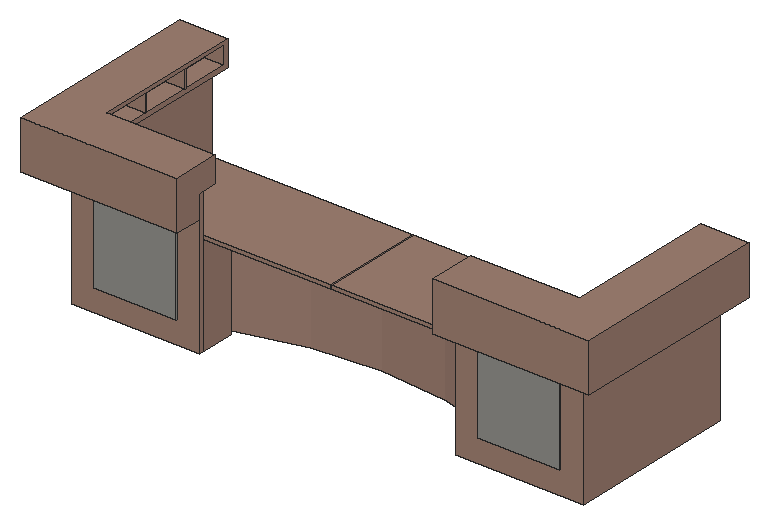
Revit family "OFS TYPICAL T100131", category Furniture, Revit 2022
Family settings
  OmniClass Number = 23.40.20.00
  OmniClass Title = General Furniture and Specialties
  Work Plane-Based = No
  Always vertical = Yes
  Cut with Voids When Loaded = No
  Render Appearance Source = Family Geometry
  Shared = No
  Room Calculation Point = No
Parameters (values of type "T100131")
  URL = "http://ofs.com/"
  Model = "T100131"
  Manufacturer = "OFS"
  Description = "OFS TYPICAL T100131"
  Default Elevation = 0' - 0"
  Copyright © = "©OFS 2024"
  Catalog = ""
  Authoring Version = "Autodesk Revit 2018"
  Assembly Code = "E2020200"
Reference planes (in)
  plane 1 "Center Front/Back": y = 0
  plane 2: z = 0
  plane 3 "Center Left/Right": x = 0
Dimensions and locks (in)
  aligned and locked: level to plane 2
Nested families (in)
  nested 1: "OFS ELEMENT Double Open L Transaction Box 160W" at (0, 0, 0) x (-1, 0, 0) z (0, 0, 1), type "Double Open L Transaction Box 160W"
    with Desk Overlay Option yes
Definition of nested family "OFS ELEMENT Double Open L Transaction Box 160W"
  Parameters (values of type "Double Open L Transaction Box 160W")
    Worksurface Material = none
    Worksurface Height = 2' - 5 1/2"
    Width 2 = Width - 1' 4"  # 12' - 0"
    Width = 13' - 4"
    URL = "https://ofs.com/"
    Paper Organizer Material = none
    Table Depth = 1' - 1 1/2"
    Return Worksurface Width = 1' - 10"
    Paper Organizer Sep = 0' - 0 1/4"
    Paper Organizer Depth = 1' - 0 3/4"
    Paper Organizer Board Thickness = 0' - 0 3/4"
    Paper Organizer Clearance = 0' - 4 5/8"
    Model = "EL-B72DC"
    Manufacturer = "OFS"
    Lateral Board Thickness = 0' - 1 3/16"
    Height = 3' - 11 3/4"
    Groomet Material = none
    Desk Overlay Thickness = 0' - 0 1/8"
    Desk Overlay Option [instance] = yes
    Desk Overlay Material = none
    Desk Overlay = 0' - 6 1/2"
    Desk Height = 3' - 4 1/2"
    Description = "OFS ELEMENT Double Open L Transaction Box, 2 x 80\"W x 56\"D DESK WITH OPEN END"
    Desk Depth = 3' - 2"
    Depth = 4' - 8"
    Default Elevation = 0' - 0"
    Copyright © = "© OFS 2022"
    Catalog = "https://ofs.com/products/casegoods/reception/element?search=Element"
    Box Material = none
    Box L = 9' - 0"
    Box Depth = 0' - 8"
    Box D = 2' - 6"
    Bottom Board Offset = 0' - 0"
    Chassis Material = none
    Base Depth = 2' - 6"
    Back Board Thickness = 0' - 1 3/16"
    Authoring Version = "Autodesk Revit Architecture 2015"
    Assembly Code = "E2020200"
  Reference planes (in)
    plane 1 "Center Front/Back": y = 0
    plane 2: z = 0
    plane 3 "Center Left/Right": x = 0
    plane 4 "Back External": y = 19
    plane 5 "Right External": x = 72
    plane 6 "Front External": y = -19
    plane 7 "Left External": x = -72
    plane 8 "Seat Height": z = 29.5
    plane 9 "Height": z = 47.75
    plane 10: x = 70.8125
    plane 11: x = -70.8125
    plane 12: y = 11
    plane 13: y = 9.8125
    plane 14: y = 5.5
    plane 15: z = 40.5
    plane 16: z = 28.5
    plane 17: z = 46.625
    plane 18: z = 0
    plane 19: x = 65.5
    plane 20: x = -65.5
    plane 21: z = 6.5
    plane 22: z = 34
    plane 23: y = 11.125
    plane 24: x = -50
    plane 25: x = 50
    plane 26: x = -67
    plane 27: x = 67
    plane 28: x = 36
    plane 29: x = 80
    plane 30: x = -80
    plane 31: x = -66.5
    plane 32: x = 66.5
    plane 33: x = -36
    plane 34: y = -37
    plane 35: y = -35.8125
    plane 36: x = 78.8125
    plane 37: x = -78.8125
    plane 38: x = 37.1875
    plane 39: x = -37.1875
    plane 40: z = 41.625
    plane 41: y = 17.8125
    plane 42: y = -8.27083
    plane 43: y = -22.04167
    plane 44: x = 51.84375
    plane 45: x = -51.84375
    plane 46: y = -20.1875
    plane 47: y = -20.9375
    plane 48: x = -58.0625
    plane 49: x = -58.8125
    plane 50: z = 39.75
    plane 51: z = 34.125
    plane 52: z = 34.875
    plane 53: x = 51.96875
    plane 54: x = 51.71875
    plane 55: x = -51.71875
    plane 56: x = -51.96875
    plane 57: x = 58.0625
    plane 58: x = 58.8125
    plane 59: x = 42.5
    plane 60: x = -42.5
  Forms (in)
    Extrusion 1, solid, material <- "Worksurface Material"
      sketch origin (0, 0, 0) x (1, 0, 0) y (0, 1, 0)
        loop
          line (0, 9.8125) -> (0, -19) -> (70.8125, -19) -> (70.8125, 9.8125) -> (0, 9.8125)
      from 28.5 to 29.5
    Extrusion 2, solid, material <- "Box Material"
      sketch origin (0, 0, 0) x (1, 0, 0) y (0, 1, 0)
        loop
          line (36, 9.8125) -> (70.8125, 9.8125) -> (70.8125, -37) -> (72, -37) -> (72, 11) -> (36, 11) -> (36, 9.8125)
      from 0 to 40.5
    Extrusion 3, solid, material <- "Box Material"
      sketch origin (0, 0, 6) x (1, 0, 0) y (0, 1, 0)
        loop
          line (36, 19) -> (36, 5.5) -> (66.5, 5.5) -> (66.5, -37) -> (80, -37) -> (80, 19) -> (36, 19)
      from 40.625 to 41.75
    Extrusion 4, solid, material <- "Desk Overlay Material", visible <- "Desk Overlay Option"
      sketch origin (0, 0, 0) x (1, 0, 0) y (0, 0, 1)
        loop
          line (-42.5, 34) -> (-65.5, 34) -> (-65.5, 6.5) -> (-42.5, 6.5) -> (-42.5, 34)
      from -11.125 to -11
    Extrusion 5, solid, material <- "Box Material"
      sketch origin (0, 0, 6) x (-1, 0, 0) y (0, -1, 0)
        loop
          line (36, -19) -> (80, -19) -> (80, 37) -> (66.5, 37) -> (66.5, -5.5) -> (36, -5.5) -> (36, -19)
      from 40.625 to 41.75
    Extrusion 6, solid, material <- "Box Material"
      sketch origin (22, -38, 6) x (-1, 0, 0) y (0, -1, 0)
        loop
          line (58, -49) -> (94, -49) -> (94, -1) -> (88.5, -1) -> (88.5, -43.5) -> (58, -43.5) -> (58, -49)
      from 34.5 to 35.625
    Extrusion 7, solid, material <- "Box Material"
      sketch origin (-22, -38, 6) x (1, 0, 0) y (0, 1, 0)
        loop
          line (58, 49) -> (58, 43.5) -> (88.5, 43.5) -> (88.5, 1) -> (94, 1) -> (94, 49) -> (58, 49)
      from 34.5 to 35.625
    Extrusion 8, solid, material <- "Box Material"
      sketch origin (0, 0, 0) x (1, 0, 0) y (0, 1, 0)
        loop
          line (36, 19) -> (36, 17.8125) -> (78.8125, 17.8125) -> (78.8125, -37) -> (80, -37) -> (80, 19) -> (36, 19)
      from 34 to 47.75
    Extrusion 9, solid, material <- "Box Material"
      sketch origin (0, 0, 0) x (-1, 0, 0) y (0, -1, 0)
        loop
          line (36, -19) -> (80, -19) -> (80, 37) -> (78.8125, 37) -> (78.8125, -17.8125) -> (36, -17.8125) -> (36, -19)
      from 34 to 47.75
    Extrusion 10, solid, material <- "Box Material"
      sketch origin (0, 0, 0) x (1, 0, 0) y (0, 0, 1)
        loop
          line (-78.8125, 46.625) -> (-78.8125, 34) -> (-72, 34) -> (-72, 41.625) -> (-66.5, 41.625) -> (-66.5, 46.625) -> (-78.8125, 46.625)
      from 35.8125 to 37
    Extrusion 11, solid, material <- "Box Material"
      sketch origin (0, 0, 0) x (-1, 0, 0) y (0, 0, -1)
        loop
          line (-78.8125, -46.625) -> (-66.5, -46.625) -> (-66.5, -41.625) -> (-72, -41.625) -> (-72, -34) -> (-78.8125, -34) -> (-78.8125, -46.625)
      from 35.8125 to 37
    Extrusion 12, solid, material <- "Box Material"
      sketch origin (0, 5.66667, 0) x (1, 0, 0) y (0, 1, 0)
        loop
          line (66.5, -13.8125) -> (66.5, -14.0625) -> (78.8125, -14.0625) -> (78.8125, -13.8125) -> (66.5, -13.8125)
      from 41.625 to 46.625
    Extrusion 13, solid, material <- "Box Material"
      sketch origin (0, -6.66667, 0) x (1, 0, 0) y (0, 1, 0)
        loop
          line (66.5, -15.25) -> (66.5, -15.5) -> (78.8125, -15.5) -> (78.8125, -15.25) -> (66.5, -15.25)
      from 41.625 to 46.625
    Extrusion 14, solid, material <- "Box Material"
      sketch origin (0, 5.66667, 0) x (-1, 0, 0) y (0, -1, 0)
        loop
          line (66.5, 13.8125) -> (78.8125, 13.8125) -> (78.8125, 14.0625) -> (66.5, 14.0625) -> (66.5, 13.8125)
      from 41.625 to 46.625
    Extrusion 15, solid, material <- "Box Material"
      sketch origin (0, -6.66667, 0) x (-1, 0, 0) y (0, -1, 0)
        loop
          line (66.5, 15.25) -> (78.8125, 15.25) -> (78.8125, 15.5) -> (66.5, 15.5) -> (66.5, 15.25)
      from 41.625 to 46.625
    Extrusion 16, solid, material <- "Box Material"
      sketch origin (-14.60586, -1.66375, 0) x (1, 0, 0) y (0, 1, 0)
        loop
          line (66.32461, 19.47625) -> (66.32461, 7.16375) -> (66.57461, 7.16375) -> (66.57461, 19.47625) -> (66.32461, 19.47625)
      from 41.625 to 46.625
    Extrusion 17, solid, material <- "Box Material"
      sketch origin (14.60586, -1.66375, 0) x (-1, 0, 0) y (0, -1, 0)
        loop
          line (66.32461, -19.47625) -> (66.57461, -19.47625) -> (66.57461, -7.16375) -> (66.32461, -7.16375) -> (66.32461, -19.47625)
      from 41.625 to 46.625
    Extrusion 18, solid, material <- "Box Material"
      sketch origin (-3.41497, -1.91375, 0) x (-1, 0, 0) y (0, -1, 0)
        loop
          line (-40.60247, -19.72625) -> (-39.41497, -19.72625) -> (-39.41497, -7.41375) -> (-40.60247, -7.41375) -> (-40.60247, -19.72625)
      from 41.625 to 46.625
    Extrusion 19, solid, material <- "Box Material"
      sketch origin (2.66497, -1.91375, 0) x (1, 0, 0) y (0, 1, 0)
        loop
          line (-39.85247, 19.72625) -> (-39.85247, 7.41375) -> (-38.66497, 7.41375) -> (-38.66497, 19.72625) -> (-39.85247, 19.72625)
      from 41.625 to 46.625
    Extrusion 20, solid, material <- "Box Material"
      sketch origin (-3.41497, -1.91375, 0) x (-1, 0, 0) y (0, -1, 0)
        loop
          line (-40.60247, -19.72625) -> (-39.41497, -19.72625) -> (-39.41497, -12.91375) -> (-40.60247, -12.91375) -> (-40.60247, -19.72625)
      from 34 to 41.625
    Extrusion 21, solid, material <- "Box Material"
      sketch origin (38.58503, -1.91375, 0) x (-1, 0, 0) y (0, -1, 0)
        loop
          line (74.58503, -19.72625) -> (75.77253, -19.72625) -> (75.77253, -12.91375) -> (74.58503, -12.91375) -> (74.58503, -19.72625)
      from 34 to 41.625
    Extrusion 22, solid, material <- "Box Material"
      sketch origin (0, 0, 0) x (-1, 0, 0) y (0, -1, 0)
        loop
          line (36, -9.8125) -> (36, -11) -> (72, -11) -> (72, 37) -> (70.8125, 37) -> (70.8125, -9.8125) -> (36, -9.8125)
      from 0 to 40.5
    Extrusion 23, solid, material <- "Worksurface Material"
      sketch origin (0, 0, 0) x (-1, 0, 0) y (0, -1, 0)
        loop
          line (0, -9.8125) -> (70.8125, -9.8125) -> (70.8125, 19) -> (0, 19) -> (0, -9.8125)
      from 28.5 to 29.5
    Extrusion 24, solid, material <- "Box Material"
      sketch origin (-3.41497, -1.91375, 0) x (-1, 0, 0) y (0, -1, 0)
        loop
          line (-40.60247, -11.72625) -> (-39.41497, -11.72625) -> (-39.41497, -1.91375) -> (-40.60247, -1.91375) -> (-40.60247, -11.72625)
      from 0 to 28.5
    Extrusion 25, solid, material <- "Box Material"
      sketch origin (3.41497, -1.91375, 0) x (1, 0, 0) y (0, 1, 0)
        loop
          line (-40.60247, 11.72625) -> (-40.60247, 1.91375) -> (-39.41497, 1.91375) -> (-39.41497, 11.72625) -> (-40.60247, 11.72625)
      from 0 to 28.5
    Extrusion 26, solid, material <- "Desk Overlay Material", visible <- "Desk Overlay Option"
      sketch origin (0, 0, 0) x (-1, 0, 0) y (0, 0, -1)
        loop
          line (-42.5, -34) -> (-42.5, -6.5) -> (-65.5, -6.5) -> (-65.5, -34) -> (-42.5, -34)
      from -11.125 to -11
    Extrusion 27, solid, material <- "Chassis Material"
      sketch origin (51.31295, -14.64167, 0) x (-1, 0, 0) y (0, -1, 0)
        loop
          line (88.50045, -12.92556) -> (88.50045, -11.86207)
          arc (88.50045, -11.86207) -> (51.31295, -5.37084) -> (14.12545, -11.86207) r 109.76696
          line (14.12545, -11.86207) -> (14.12545, -12.92556)
          arc (14.12545, -12.92556) -> (51.31295, -6.37084) -> (88.50045, -12.92556) r 108.76696
      from 0 to 28.5
  Cuts and joins
    joined: Extrusion 5, Extrusion 6, Extrusion 9, Extrusion 10, Extrusion 19, Extrusion 21
    joined: Extrusion 3, Extrusion 7, Extrusion 8, Extrusion 11, Extrusion 18, Extrusion 20
  Dimensions and locks (in)
    equal spacing: plane 7 "Left External", plane 3 "Center Left/Right", plane 5 "Right External"
    "Width 2": plane 7 "Left External" to plane 5 "Right External"
    equal spacing: plane 6 "Front External", plane 1 "Center Front/Back", plane 4 "Back External"
    "Desk Depth": plane 4 "Back External" to plane 6 "Front External"
    "Worksurface Height": plane 8 "Seat Height" to level
    "Height": plane 9 "Height" to level
    "Lateral Board Thickness": plane 7 "Left External" to plane 11
    "Lateral Board Thickness": plane 10 to plane 5 "Right External"
    "Base Depth": plane 12 to plane 6 "Front External"
    "Back Board Thickness": plane 12 to plane 13
    "Table Depth": plane 4 "Back External" to plane 14
    "Desk Height": plane 15 to level
    "Bottom Board Offset": plane 18 to level
    "Desk Overlay": plane 5 "Right External" to plane 19
    "Desk Overlay": plane 20 to plane 7 "Left External"
    plane 20 to plane 19 = 10' - 11"
    "Desk Overlay": plane 22 to plane 15
    "Desk Overlay": plane 18 to plane 21
    "Desk Overlay Thickness": plane 23 to plane 12
    "Return Worksurface Width": plane 7 "Left External" to plane 24
    "Return Worksurface Width": plane 25 to plane 5 "Right External"
    locked: plane 7 "Left External" to plane 26 at 5
    locked: plane 27 to plane 5 "Right External" at 5
    locked: plane 9 "Height" to plane 17 at 1.125
    locked: plane 8 "Seat Height" to plane 16 at 1
    "Box Depth": plane 5 "Right External" to plane 29
    "Box Depth": plane 7 "Left External" to plane 30
    "Table Depth": plane 30 to plane 31
    "Table Depth": plane 29 to plane 32
    "Box L": plane 7 "Left External" to plane 28
    "Box L": plane 5 "Right External" to plane 33
    "Back Board Thickness": plane 35 to plane 34
    "Back Board Thickness": plane 36 to plane 29
    "Back Board Thickness": plane 37 to plane 30
    "Back Board Thickness": plane 28 to plane 38
    "Back Board Thickness": plane 39 to plane 33
    locked: plane 40 to plane 15 at 1.125
    "Back Board Thickness": plane 4 "Back External" to plane 41
    equal spacing: plane 14, plane 42, plane 43, plane 35
    equal spacing: plane 38, plane 44, plane 32
    equal spacing: plane 39, plane 45, plane 31
    "Back Board Thickness": plane 6 "Front External" to plane 46
    "Paper Organizer Board Thickness": plane 46 to plane 47
    "Paper Organizer Depth": plane 11 to plane 48
    "Paper Organizer Board Thickness": plane 49 to plane 48
    "Paper Organizer Board Thickness": plane 15 to plane 50
    "Paper Organizer Clearance": plane 51 to plane 8 "Seat Height"
    "Paper Organizer Board Thickness": plane 52 to plane 51
    equal spacing: plane 54, plane 44, plane 53
    "Paper Organizer Sep": plane 54 to plane 53
    equal spacing: plane 56, plane 45, plane 55
    "Paper Organizer Sep": plane 56 to plane 55
    "Paper Organizer Board Thickness": plane 58 to plane 57
    "Paper Organizer Depth": plane 57 to plane 10
    "Desk Overlay": plane 28 to plane 59
    "Desk Overlay": plane 60 to plane 33
    "Depth": plane 4 "Back External" to plane 34
    aligned and locked: level to plane 2
    aligned and locked: Extrusion 1 sketch curve to plane 13
    aligned and locked: Extrusion 1 sketch curve to plane 6 "Front External"
    aligned and locked: Extrusion 1 sketch curve to plane 10
    aligned and locked: Extrusion 2 sketch curve to plane 12
    aligned and locked: plane 5 "Right External" to Extrusion 2 sketch curve
    aligned and locked: Extrusion 2 sketch curve to plane 13
    aligned and locked: Extrusion 3 to plane 14
    aligned and locked: Extrusion 3 to plane 4 "Back External"
    aligned and locked: Extrusion 3 to plane 9 "Height"
    aligned and locked: Extrusion 3 to plane 17
    aligned and locked: plane 22 to Extrusion 4 sketch curve
    aligned and locked: Extrusion 4 sketch curve to plane 21
    aligned and locked: Extrusion 4 sketch curve to plane 20
    aligned and locked: plane 29 to Extrusion 3 sketch curve
    aligned and locked: plane 32 to Extrusion 3 sketch curve
    aligned and locked: Extrusion 3 sketch curve to plane 34
    aligned and locked: Extrusion 3 sketch curve to plane 28
    aligned and locked: plane 9 "Height" to Extrusion 5
    aligned and locked: Extrusion 5 to plane 17
    aligned and locked: Extrusion 6 to plane 7 "Left External"
    aligned and locked: Extrusion 6 to plane 31
    aligned and locked: Extrusion 6 to plane 14
    aligned and locked: Extrusion 6 to plane 33
    aligned and locked: Extrusion 6 to plane 34
    aligned and locked: Extrusion 6 to plane 15
    aligned and locked: plane 40 to Extrusion 6
    aligned and locked: Extrusion 7 to plane 15
    aligned and locked: Extrusion 7 to plane 40
    aligned and locked: Extrusion 8 sketch curve to plane 34
    aligned and locked: plane 29 to Extrusion 8 sketch curve
    aligned and locked: Extrusion 8 sketch curve to plane 36
    aligned and locked: plane 9 "Height" to Extrusion 9
    aligned and locked: Extrusion 9 to plane 33
    aligned and locked: Extrusion 8 to plane 28
    aligned and locked: plane 37 to Extrusion 10 sketch curve
    aligned and locked: Extrusion 10 sketch curve to plane 17
    aligned and locked: plane 40 to Extrusion 10 sketch curve
    aligned and locked: Extrusion 10 sketch curve to plane 7 "Left External"
    aligned and locked: Extrusion 10 to plane 31
    aligned and locked: plane 35 to Extrusion 10
    aligned and locked: Extrusion 10 to plane 34
    aligned and locked: plane 34 to Extrusion 11
    aligned and locked: Extrusion 11 to plane 35
    aligned and locked: Extrusion 8 to plane 9 "Height"
    aligned and locked: plane 22 to Extrusion 11
    aligned and locked: plane 22 to Extrusion 8
    aligned and locked: Extrusion 10 to plane 22
    aligned and locked: Extrusion 9 to plane 22
    aligned and locked: Extrusion 12 to plane 32
    aligned and locked: Extrusion 13 to plane 32
    aligned and locked: Extrusion 13 to plane 17
    aligned and locked: Extrusion 12 to plane 17
    aligned and locked: plane 40 to Extrusion 13
    aligned and locked: plane 40 to Extrusion 12
    aligned and locked: Extrusion 13 to plane 36
    aligned and locked: Extrusion 12 to plane 36
    aligned and locked: Extrusion 5 to plane 34
    aligned and locked: Extrusion 9 to plane 34
    aligned and locked: plane 34 to Extrusion 7
    aligned and locked: plane 5 "Right External" to Extrusion 7
    aligned and locked: Extrusion 7 to plane 28
    aligned and locked: Extrusion 5 to plane 33
    aligned and locked: Extrusion 9 to plane 41
    aligned and locked: Extrusion 8 to plane 41
    aligned and locked: plane 17 to Extrusion 15
    aligned and locked: plane 17 to Extrusion 14
    aligned and locked: Extrusion 15 to plane 40
    aligned and locked: Extrusion 14 to plane 40
    aligned and locked: Extrusion 15 to plane 37
    aligned and locked: Extrusion 15 to plane 31
    aligned and locked: Extrusion 14 to plane 37
    aligned and locked: Extrusion 14 to plane 31
    aligned and locked: Extrusion 7 to plane 12
    aligned and locked: plane 12 to Extrusion 6
    aligned and locked: Extrusion 17 to plane 14
    aligned and locked: Extrusion 16 to plane 14
    aligned and locked: plane 41 to Extrusion 16
    aligned and locked: plane 41 to Extrusion 17
    aligned and locked: plane 17 to Extrusion 16
    aligned and locked: plane 17 to Extrusion 17
    aligned and locked: Extrusion 16 to plane 40
    aligned and locked: Extrusion 17 to plane 40
    aligned and locked: Extrusion 18 to plane 28
    aligned and locked: plane 38 to Extrusion 18
    aligned and locked: Extrusion 19 to plane 33
    aligned and locked: plane 39 to Extrusion 19
    aligned and locked: plane 41 to Extrusion 18
    aligned and locked: plane 41 to Extrusion 19
    aligned and locked: Extrusion 18 to plane 14
    aligned and locked: Extrusion 19 to plane 14
    aligned and locked: plane 17 to Extrusion 18
    aligned and locked: plane 17 to Extrusion 19
    aligned and locked: Extrusion 18 to plane 40
    aligned and locked: Extrusion 19 to plane 40
    aligned and locked: Extrusion 20 to plane 22
    aligned and locked: Extrusion 20 to plane 12
    aligned and locked: plane 41 to Extrusion 20
    aligned and locked: Extrusion 20 to plane 28
    aligned and locked: plane 40 to Extrusion 20
    aligned and locked: Extrusion 21 to plane 33
    aligned and locked: plane 39 to Extrusion 21
    aligned and locked: plane 40 to Extrusion 21
    aligned and locked: Extrusion 21 to plane 22
    aligned and locked: plane 41 to Extrusion 21
    aligned and locked: Extrusion 21 to plane 12
    aligned and locked: plane 28 to Extrusion 2 sketch curve
    aligned and locked: plane 34 to Extrusion 2
    aligned and locked: Extrusion 22 to plane 34
    aligned and locked: Extrusion 16 to plane 53
    aligned and locked: plane 54 to Extrusion 16
    aligned and locked: Extrusion 17 to plane 55
    aligned and locked: Extrusion 17 to plane 56
    aligned and locked: plane 38 to Extrusion 24
    aligned and locked: Extrusion 24 to plane 28
    aligned and locked: plane 1 "Center Front/Back" to Extrusion 24
    aligned and locked: plane 13 to Extrusion 24
    aligned and locked: Extrusion 25 to plane 33
    aligned and locked: plane 39 to Extrusion 25
    aligned and locked: plane 1 "Center Front/Back" to Extrusion 25
    aligned and locked: plane 13 to Extrusion 25
    aligned and locked: plane 16 to Extrusion 24
    aligned and locked: plane 16 to Extrusion 25
    aligned and locked: Extrusion 24 to plane 18
    aligned and locked: Extrusion 25 to plane 18
    aligned and locked: Extrusion 4 to plane 60
    aligned and locked: Extrusion 26 to plane 59
    aligned and locked: Extrusion 26 to plane 19
    aligned and locked: Extrusion 22 to plane 33
    aligned and locked: plane 3 "Center Left/Right" to Extrusion 23
    aligned and locked: Extrusion 1 to plane 3 "Center Left/Right"
  Automatic sketch dimensions
    Extrusion 1 sketch curve to plane 3 "Center Left/Right" = 0' - 0"
    Extrusion 2 sketch curve to plane 10 = 0' - 0"
    plane 34 to Extrusion 2 sketch curve = 0' - 0"
    Extrusion 3 sketch curve to plane 14 = 0' - 0"
    plane 4 "Back External" to Extrusion 3 sketch curve = 0' - 0"
    plane 60 to Extrusion 4 sketch curve = 0' - 0"
    Extrusion 5 sketch curve to plane 4 "Back External" = 0' - 0"
    Extrusion 5 sketch curve to plane 33 = 0' - 0"
    Extrusion 5 sketch curve to plane 31 = 0' - 0"
    Extrusion 5 sketch curve to plane 30 = 0' - 0"
    Extrusion 5 sketch curve to plane 14 = 0' - 0"
    Extrusion 5 sketch curve to plane 34 = 0' - 0"
    Extrusion 6 sketch curve to plane 12 = 0' - 0"
    Extrusion 6 sketch curve to plane 33 = 0' - 0"
    Extrusion 6 sketch curve to plane 31 = 0' - 0"
    Extrusion 6 sketch curve to plane 7 "Left External" = 0' - 0"
    Extrusion 6 sketch curve to plane 14 = 0' - 0"
    Extrusion 6 sketch curve to plane 34 = 0' - 0"
    Extrusion 7 sketch curve to plane 12 = 0' - 0"
    Extrusion 7 sketch curve to plane 28 = 0' - 0"
    Extrusion 7 sketch curve to plane 32 = 0' - 0"
    Extrusion 7 sketch curve to plane 5 "Right External" = 0' - 0"
    plane 34 to Extrusion 7 sketch curve = 0' - 0"
    Extrusion 7 sketch curve to plane 14 = 0' - 0"
    Extrusion 8 sketch curve to plane 4 "Back External" = 0' - 0"
    Extrusion 8 sketch curve to plane 28 = 0' - 0"
    plane 41 to Extrusion 8 sketch curve = 0' - 0"
    Extrusion 9 sketch curve to plane 4 "Back External" = 0' - 0"
    Extrusion 9 sketch curve to plane 33 = 0' - 0"
    Extrusion 9 sketch curve to plane 34 = 0' - 0"
    Extrusion 9 sketch curve to plane 37 = 0' - 0"
    Extrusion 9 sketch curve to plane 30 = 0' - 0"
    Extrusion 9 sketch curve to plane 41 = 0' - 0"
    plane 31 to Extrusion 10 sketch curve = 0' - 0"
    Extrusion 10 sketch curve to plane 22 = 0' - 0"
    Extrusion 11 sketch curve to plane 17 = 0' - 0"
    plane 36 to Extrusion 11 sketch curve = 0' - 0"
    Extrusion 11 sketch curve to plane 5 "Right External" = 0' - 0"
    Extrusion 11 sketch curve to plane 32 = 0' - 0"
    Extrusion 11 sketch curve to plane 22 = 0' - 0"
    Extrusion 11 sketch curve to plane 40 = 0' - 0"
    Extrusion 12 sketch curve to plane 32 = 0' - 0"
    Extrusion 12 sketch curve to plane 36 = 0' - 0"
    Extrusion 12 sketch curve to plane 42 = 0' - 0 1/8"
    plane 42 to Extrusion 12 sketch curve = 0' - 0 1/8"
    Extrusion 13 sketch curve to plane 32 = 0' - 0"
    Extrusion 13 sketch curve to plane 36 = 0' - 0"
    Extrusion 13 sketch curve to plane 43 = 0' - 0 1/8"
    plane 43 to Extrusion 13 sketch curve = 0' - 0 1/8"
    Extrusion 14 sketch curve to plane 31 = 0' - 0"
    Extrusion 14 sketch curve to plane 37 = 0' - 0"
    plane 42 to Extrusion 14 sketch curve = 0' - 0 1/8"
    Extrusion 14 sketch curve to plane 42 = 0' - 0 1/8"
    Extrusion 15 sketch curve to plane 31 = 0' - 0"
    Extrusion 15 sketch curve to plane 37 = 0' - 0"
    plane 43 to Extrusion 15 sketch curve = 0' - 0 1/8"
    Extrusion 15 sketch curve to plane 43 = 0' - 0 1/8"
    plane 14 to Extrusion 16 sketch curve = 0' - 0"
    Extrusion 16 sketch curve to plane 54 = 0' - 0"
    Extrusion 16 sketch curve to plane 53 = 0' - 0"
    plane 41 to Extrusion 16 sketch curve = 0' - 0"
    Extrusion 17 sketch curve to plane 14 = 0' - 0"
    Extrusion 17 sketch curve to plane 55 = 0' - 0"
    Extrusion 17 sketch curve to plane 56 = 0' - 0"
    Extrusion 17 sketch curve to plane 41 = 0' - 0"
    Extrusion 18 sketch curve to plane 14 = 0' - 0"
    Extrusion 18 sketch curve to plane 38 = 0' - 0"
    Extrusion 18 sketch curve to plane 28 = 0' - 0"
    Extrusion 18 sketch curve to plane 41 = 0' - 0"
    Extrusion 19 sketch curve to plane 14 = 0' - 0"
    Extrusion 19 sketch curve to plane 39 = 0' - 0"
    Extrusion 19 sketch curve to plane 33 = 0' - 0"
    Extrusion 19 sketch curve to plane 41 = 0' - 0"
    Extrusion 20 sketch curve to plane 12 = 0' - 0"
    Extrusion 20 sketch curve to plane 38 = 0' - 0"
    Extrusion 20 sketch curve to plane 28 = 0' - 0"
    Extrusion 20 sketch curve to plane 41 = 0' - 0"
    Extrusion 21 sketch curve to plane 12 = 0' - 0"
    Extrusion 21 sketch curve to plane 33 = 0' - 0"
    Extrusion 21 sketch curve to plane 39 = 0' - 0"
    Extrusion 21 sketch curve to plane 41 = 0' - 0"
    Extrusion 22 sketch curve to plane 12 = 0' - 0"
    Extrusion 22 sketch curve to plane 33 = 0' - 0"
    Extrusion 22 sketch curve to plane 11 = 0' - 0"
    Extrusion 22 sketch curve to plane 7 "Left External" = 0' - 0"
    Extrusion 22 sketch curve to plane 34 = 0' - 0"
    Extrusion 22 sketch curve to plane 13 = 0' - 0"
    Extrusion 23 sketch curve to plane 3 "Center Left/Right" = 0' - 0"
    Extrusion 23 sketch curve to plane 6 "Front External" = 0' - 0"
    Extrusion 23 sketch curve to plane 11 = 0' - 0"
    Extrusion 23 sketch curve to plane 13 = 0' - 0"
    plane 1 "Center Front/Back" to Extrusion 24 sketch curve = 0' - 0"
    Extrusion 24 sketch curve to plane 38 = 0' - 0"
    Extrusion 24 sketch curve to plane 28 = 0' - 0"
    Extrusion 24 sketch curve to plane 13 = 0' - 0"
    plane 1 "Center Front/Back" to Extrusion 25 sketch curve = 0' - 0"
    Extrusion 25 sketch curve to plane 39 = 0' - 0"
    Extrusion 25 sketch curve to plane 33 = 0' - 0"
    Extrusion 25 sketch curve to plane 13 = 0' - 0"
    Extrusion 26 sketch curve to plane 19 = 0' - 0"
    Extrusion 26 sketch curve to plane 21 = 0' - 0"
    Extrusion 26 sketch curve to plane 59 = 0' - 0"
    Extrusion 26 sketch curve to plane 22 = 0' - 0"
    Extrusion 27 sketch curve to Extrusion 27 sketch curve = 0' - 0"  (x2)
    Extrusion 27 sketch curve to plane 39 = 0' - 0"
    Extrusion 27 sketch curve to plane 1 "Center Front/Back" = 0' - 2.7796"
    Extrusion 27 sketch curve to plane 38 = 0' - 0"
    Extrusion 27 sketch curve to plane 3 "Center Left/Right" = 0' - 0"
    Extrusion 27 sketch curve to Extrusion 27 sketch curve = 0' - 1.06349"
    Extrusion 27 sketch curve to plane 4 "Back External" = 6' - 9.49613"
